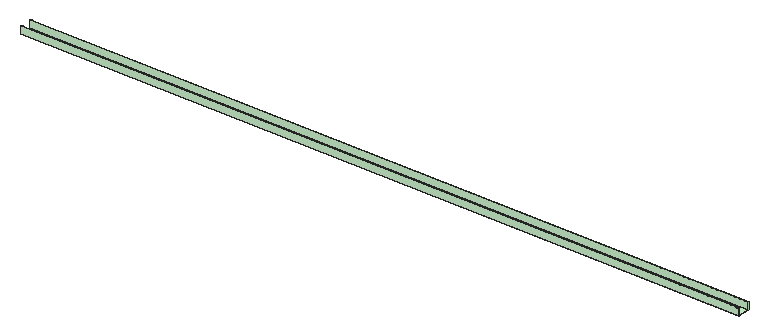
Revit family "SQ-ランナー65", category 機械設備, Revit 2020
Family settings
  丸型コネクタ寸法 = 直径を使用
  種別 = なし
  パーツ タイプ = 標準
  作業面ベース = いいえ
  常に垂直 = はい
  ロード時にボイドで切り取り = いいえ
  共有 = いいえ
  部屋計算ポイント = いいえ
Parameters
  製造元 = "株式会社桐井製作所"
  既定の高さ = 0 mm
  URL = "https://www.kirii.co.jp/"
  K_長さ(mm) [instance] = 4000 mm
  K_材質 = "SGCC　一般用"
  K_外形寸法(mm) = "67×40×40"
  K_品名 = "SQ-ランナー65"
  K_名称 = "角型スタッド用ランナー"
  K_バージョン情報 = "20210524"
  K_めっき付着量 = "Z08"
  K_JIS規格 = "JIS G 3302"
Reference planes
  plane 1 "中心(正面/背面)": y = 0
  plane 2: z = 0
  plane 3 "中心(左/右)": x = 0
  plane 4: x = 4000
  plane 5: y = 33.5
  plane 6: y = -33.5
Forms (mm)
  Extrusion 1, solid
    sketch origin (0, 0, 0) x (0, 1, 0) y (0, 0, 1)
      loop
        line (-33.5, 0) -> (33.5, 0) -> (33.5, 40) -> (32.7, 40) -> (32.7, 0.8) -> (-32.7, 0.8) -> (-32.7, 40) -> (-33.5, 40) -> (-33.5, 0)
    from 0 to 4000
Dimensions and locks
  "K_長さ(mm)": plane 3 "中心(左/右)" to plane 4
  aligned and locked: level to plane 2
  aligned and locked: plane 4 to Extrusion 1
  aligned and locked: Extrusion 1 to plane 4
Automatic sketch dimensions
  Extrusion 1 sketch curve to level = 0 mm
  Extrusion 1 sketch curve to plane 6 = 0 mm
  Extrusion 1 sketch curve to Extrusion 1 sketch curve = 0.8 mm
  level to Extrusion 1 sketch curve = 0.8 mm
  Extrusion 1 sketch curve to Extrusion 1 sketch curve = 39.2 mm  (x2)
  Extrusion 1 sketch curve to plane 5 = 0 mm
  Extrusion 1 sketch curve to plane 5 = 0.8 mm
